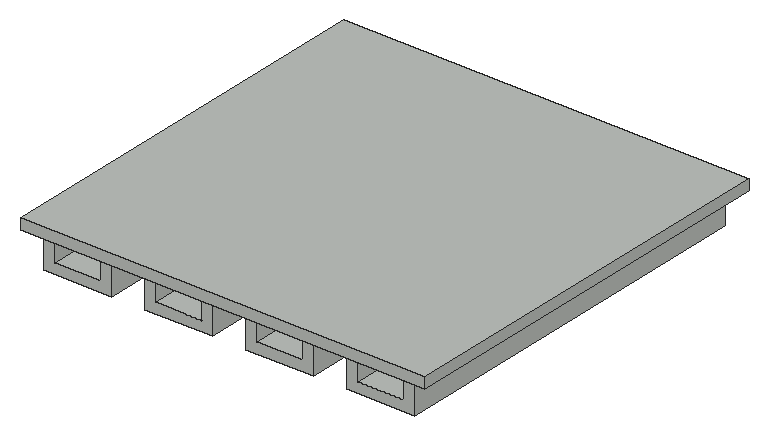
Revit family "Folded Plug Grid 001", category Generic Models, Revit 2021
Family settings
  Can host rebar = No
  Round Connector Dimension = Use Diameter
  Part Type = Normal
  Work Plane-Based = No
  Always vertical = Yes
  Cut with Voids When Loaded = No
  Shared = No
  Room Calculation Point = No
Parameters
  URL = "https://www.csiposhfelt.com/products/folded-plug-grid-001"
  Model = "Folded Plug Grid 001"
  Manufacturer = "CSI PoshFelt"
  Default Elevation = 0' - 0"
  Core Material = PSH300
Reference planes (in)
  plane 1 "Center (Front/Back)": y = 0
  plane 2: z = 0
  plane 3 "Center (Left/Right)": x = 0
Forms (in)
  Extrusion 1, solid, material "PSH300" <- "Core Material"
    sketch origin (0, 0, 0) x (1, 0, 0) y (0, 1, 0)
      loop
        line (-12, 12) -> (-12, -12) -> (12, -12) -> (12, 12) -> (-12, 12)
    from 0 to 0.625
  Sweep 2, solid, material "PSH300" <- "Core Material"
    path in 3D
      loop
        line (-9, -11.5, 0) -> (-9, 11.5, 0)
    profile origin (-9, 0, 0) x (-1, 0, 0) y (0, 0, 1)
      loop
        line (2, -2) -> (2, 0) -> (1.375, 0) -> (1.375, -1.375) -> (-1.375, -1.375) -> (-1.375, 0) -> (-2, 0) -> (-2, -2) -> (2, -2)
  Sweep 3, solid, material "PSH300" <- "Core Material"
    path in 3D
      loop
        line (-3, -11.5, 0) -> (-3, 11.5, 0)
    profile origin (-3, 0, 0) x (-1, 0, 0) y (0, 0, 1)
      loop
        line (2, -2) -> (2, 0) -> (1.375, 0) -> (1.375, -1.375) -> (-1.375, -1.375) -> (-1.375, 0) -> (-2, 0) -> (-2, -2) -> (2, -2)
  Sweep 4, solid, material "PSH300" <- "Core Material"
    path in 3D
      loop
        line (3, -11.5, 0) -> (3, 11.5, 0)
    profile origin (3, 0, 0) x (-1, 0, 0) y (0, 0, 1)
      loop
        line (2, -2) -> (2, 0) -> (1.375, 0) -> (1.375, -1.375) -> (-1.375, -1.375) -> (-1.375, 0) -> (-2, 0) -> (-2, -2) -> (2, -2)
  Sweep 5, solid, material "PSH300" <- "Core Material"
    path in 3D
      loop
        line (9, -11.5, 0) -> (9, 11.5, 0)
    profile origin (9, 0, 0) x (-1, 0, 0) y (0, 0, 1)
      loop
        line (2, -2) -> (2, 0) -> (1.375, 0) -> (1.375, -1.375) -> (-1.375, -1.375) -> (-1.375, 0) -> (-2, 0) -> (-2, -2) -> (2, -2)
Lines and regions (in)
  reference lines
    curve 1: line (-12, 17, 0) -> (-12, -17, 0)
    curve 2: line (12, 17, 0) -> (12, -17, 0)
    curve 3: line (-12, 12, 0) -> (12, 12, 0)
    curve 4: line (-12, -12, 0) -> (12, -12, 0)
  model lines
    curve 5: line (-9, -12, 0) -> (-9, 12, 0)
  sketch lines
    curve 6: line (-9, -11.5, 0) -> (-9, 11.5, 0)
    curve 7: line (-3, -11.5, 0) -> (-3, 11.5, 0)
    curve 8: line (3, -11.5, 0) -> (3, 11.5, 0)
    curve 9: line (9, -11.5, 0) -> (9, 11.5, 0)
Dimensions and locks (in)
  aligned and locked: plane 2 to level
